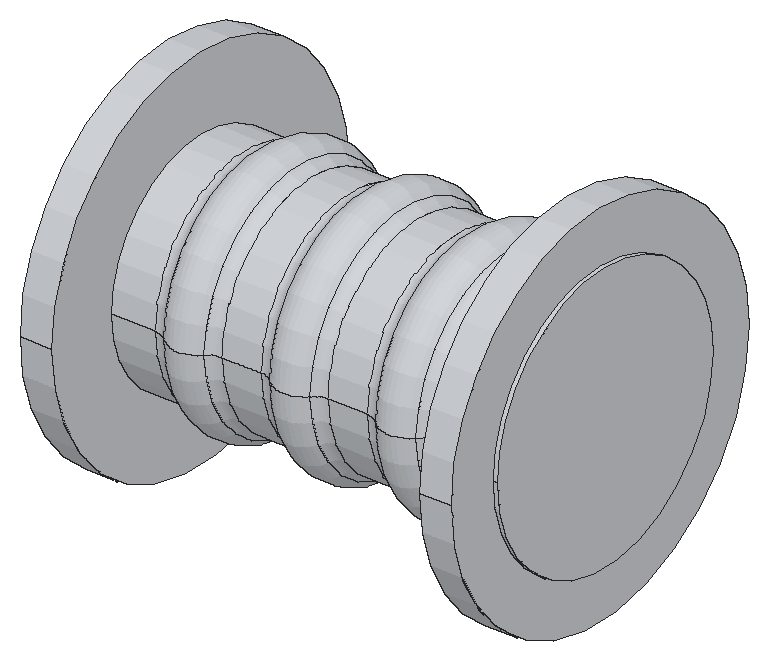
Revit family "ピュアジョイント 100A", category Pipe Accessories, Revit 2024
Family settings
  Round Connector Dimension = Use Diameter
  Part Type = Inline Sensor
  Work Plane-Based = No
  Always vertical = Yes
  Cut with Voids When Loaded = No
  Shared = No
Parameters
  Default Elevation = 0 mm
  DN = 100 mm
Reference planes
  plane 1 "Center (Front/Back)": y = 0
  plane 2: z = 0
  plane 3 "Center (Left/Right)": x = 0
Forms (mm)
  Extrusion 1, solid
    sketch origin (0, 0, 0) x (0, 1, 0) y (0, 0, 1)
      loop
        circle (0, 0) r 76
    from 122 to 125
  Extrusion 2, solid
    sketch origin (0, 0, 0) x (0, 1, 0) y (0, 0, 1)
      loop
        circle (0, 0) r 76
    from -125 to -122
  Extrusion 3, solid
    sketch origin (0, 0, 0) x (0, 1, 0) y (0, 0, 1)
      loop
        circle (0, 0) r 105
    from 104 to 122
  Extrusion 4, solid
    sketch origin (0, 0, 0) x (0, 1, 0) y (0, 0, 1)
      loop
        circle (0, 0) r 105
    from -122 to -104
  Revolve 5, solid
    sketch origin (0, 0, 0) x (1, 0, 0) y (0, 1, 0)
      loop
        line (-79.021, 63.503) -> (-104, 63.503) -> (-104, 0) -> (104, 0) -> (104, 63.503) -> (79.021, 63.503)
        arc (79.021, 63.503) -> (74.942, 64.373) -> (71.572, 66.83) r 10
        arc (71.572, 66.83) -> (60, 72) -> (48.428, 66.83) r 15.537
        arc (48.428, 66.83) -> (45.058, 64.373) -> (40.979, 63.503) r 10
        line (40.979, 63.503) -> (19.02, 63.503)
        arc (19.02, 63.503) -> (14.942, 64.373) -> (11.572, 66.83) r 10
        arc (11.572, 66.83) -> (0, 72) -> (-11.572, 66.83) r 15.537
        arc (-11.572, 66.83) -> (-14.942, 64.373) -> (-19.021, 63.503) r 10
        line (-19.021, 63.503) -> (-40.979, 63.503)
        arc (-40.979, 63.503) -> (-45.058, 64.373) -> (-48.428, 66.83) r 10
        arc (-48.428, 66.83) -> (-60, 72) -> (-71.572, 66.83) r 15.537
        arc (-71.572, 66.83) -> (-74.942, 64.373) -> (-79.021, 63.503) r 10
      axis (104, 0) -> (-104, 0)
    angle from 0 to 360
Dimensions and locks
  aligned and locked: level to plane 2
Connectors
  piping at (-125, 0, 0), diameter 100, driven by "DN"
    settings: on Extrusion 2, index 1, connector inside diameter 609.6 mm, connector length 0 mm, flow factor 0, pipe flow 0.0 L/s, pressure drop 0.0 Pa, fitting loss kfactor 0, connector angle 0.00°, fixture units 0, engagement length 0 mm, angle of deflection 0.00°, flow configuration 0, flow direction 0, fitting loss method 0, system type 7, joint type 0, gender type 0, connector reference index -1, connector utility 0, adjustable connector no, is connector primary yes, connector description ""
  piping at (125, 0, 0), diameter 100, driven by "DN"
    settings: on Extrusion 1, index 2, connector inside diameter 609.6 mm, connector length 0 mm, flow factor 0, pipe flow 0.0 L/s, pressure drop 0.0 Pa, fitting loss kfactor 0, connector angle 0.00°, fixture units 0, engagement length 0 mm, angle of deflection 0.00°, flow configuration 0, flow direction 0, fitting loss method 0, system type 7, joint type 0, gender type 0, connector reference index -1, connector utility 0, adjustable connector no, is connector primary no, connector description ""
